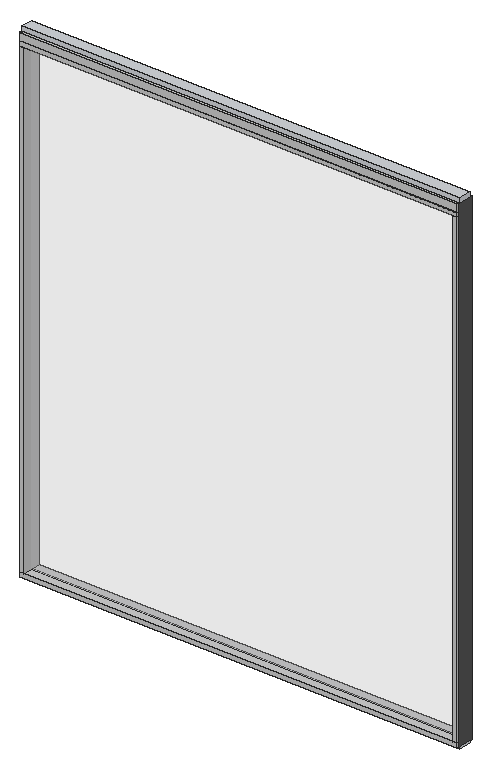
Revit family "Haworth_EncloseFrameless_Wall_Glass", category Furniture Systems, Revit 2018
Family settings
  Round Connector Dimension = Use Diameter
  Part Type = Normal
  OmniClass Number = 23.25.40.14
  OmniClass Title = Demountable Partitions
  Work Plane-Based = No
  Always vertical = Yes
  Cut with Voids When Loaded = No
  Shared = Yes
  Room Calculation Point = No
Parameters (values of type "108" H")
  Warranty = "http://www.haworth.com/resources/product-info/warranties"
  URL - Product = "http://www.haworth.com/products/architectural-interiors/moveable-walls/enclose"
  Type Comments = ""
  Sustainability Info = "http://www.haworth.com/company-info/sustainablility"
  Single Glazed = yes
  HFEC Right Width [instance] = if(not(End Frame Right), 0", End of Run Right Width)  # 0.155"
  HFEC Left Width [instance] = if(not(End Frame Left), 0", End of Run Left Width)  # 0.155"
  Model = "Haworth - Enclose Frameless"  # constant formula
  Glass Right Offset [instance] = if(End Frame Right, Vertical Frame Width, 0")  # 0.875"
  Glass Finish = Haworth _ Glass _ Clear
  Frame Finish = Haworth _ Metal _ Brushed Aluminum
  End of Run Finish = Haworth _ Polymer _ Black
  End Frame Right [instance] = yes
  End Frame Left [instance] = yes
  Double Glazed = not(Single Glazed)  # no
  Description = "Wall - Glass"  # constant formula
  Ceiling Mount = yes
  Material Options = "http://surfaces.haworth.com/"
  Width [instance] = 96"
  Vertical Frame Width = 0.875"  # constant formula
  URL = "www.haworth.com"
  Size = "Verify Final Dim. w/ Haworth"  # constant formula
  Revision Number = "3"  # constant formula
  Panel Width [instance] = if(and(End Frame Right, End Frame Left), Width - (2 * Vertical Frame Width) - End of Run Right Width - End of Run Left Width, if(End Frame Right, Width - Vertical Frame Width - End of Run Right Width, if(End Frame Left, Width - Vertical Frame Width - End of Run Left Width, Width)))  # 93.94"
  Panel Height = Actual Height - Horizontal Bottom Adjuster Width - Horizontal Frame Width - Horizontal Top Adjuster Width  # 103.25"
  Panel Depth = 0.4"  # constant formula
  Min/Max Width = "12in Min, Verify Max"  # constant formula
  Min/Max Height = "24-144 in."  # constant formula
  Horizontal Top Trim Width = 1.43"  # constant formula
  Horizontal Top Adjuster Width = Cap Height + Horizontal Top Trim Width + 0.195"  # 2.625"
  Horizontal Bottom Adjuster Width = Base Height + Horizontal Frame Width  # 1.25"
  Glass Offset = Horizontal Bottom Adjuster Width  # 1.25"
  Min. Height = 24"  # constant formula
  Max. Height = 144"  # constant formula
  Manufacturer = "Haworth"  # constant formula
  Horizontal Frame Width = 0.875"  # constant formula
  Height = 108"
  Half Postcap Width = 0.155"  # constant formula
  Frame Depth = 4"  # constant formula
  End of Run Right Width [instance] = if(and(End of Run Right, End Frame Right), 1.845", Half Postcap Width)  # 0.155"
  End of Run Right [instance] = no
  End of Run Left Width [instance] = if(and(End of Run Left, End Frame Left), 1.845", Half Postcap Width)  # 0.155"
  End of Run Left [instance] = no
  Cap Height = 1"  # constant formula
  Base Height = 0.375"  # constant formula
  Author = "SHAPE Environments, LLC"  # constant formula
  Assembly Code = "C1010200"
  Actual Width [instance] = if(Width < 12", 12", Width)  # 96"
  Actual Height = if(Height < Min. Height, Min. Height, if(Height > Max. Height, Max. Height, Height))  # 108"
Reference planes (in)
  plane 1 "Center F/B": y = -0.17786
  plane 2: z = 0
  plane 3 "Center L/R": x = -4.20864
  plane 4 "Left": x = -52.05364
  plane 5 "Right": x = 43.63636
  plane 6 "Top": z = 108
  plane 7 "Back": y = 1.82214
  plane 8 "Front": y = -2.17786
  plane 9 "Left Frame Outside": x = -52.05364
  plane 10 "Left Frame Inside": x = -51.17864
  plane 11 "Right Frame Outside": x = 43.63636
  plane 12 "Right Frame Inside": x = 42.76136
  plane 13 "End of Run Right": x = 43.79136
  plane 14 "End of Run Left": x = -52.20864
  plane 15 "Top Frame Outside": z = 105.375
  plane 16 "Top Trim Outside": z = 107
  plane 17 "Top Frame Inside": z = 104.5
  plane 18 "Bottom Frame Inside": z = 1.25
  plane 19 "Bottom Adjuster": z = 0.375
  plane 20 "Not Used": z = 2.125
  plane 21 "Glass Constraint": x = 42.76136
Forms (in)
  Sweep 1, solid, material "Haworth _ Polymer _ Black" <- "End of Run Finish", visible <- "End Frame Left"
    path origin (0, -0.17786, 0) x (1, 0, 0) y (0, 0, 1)
      loop
        line (-52.05364, 107) -> (-52.05364, 0.375)
    profile "Haworth_Enclose - Postcap : Left" origin (-52.05364, -0.17786, 53.6875) x (1, 0, 0) y (0, -1, 0)
      loop
        line (0, 1.805) -> (-0.155, 1.805) -> (-0.155, -1.805) -> (0, -1.805) -> (0, 1.805)
  Sweep 2, solid, material "Haworth _ Polymer _ Black" <- "End of Run Finish", visible <- "End Frame Right"
    path origin (0, -0.17786, 0) x (1, 0, 0) y (0, 0, 1)
      loop
        line (43.63636, 107) -> (43.63636, 0.375)
    profile "Haworth_Enclose - Postcap : Right" origin (43.63636, -0.17786, 53.6875) x (1, 0, 0) y (0, -1, 0)
      loop
        line (0, 1.805) -> (0, -1.805) -> (0.155, -1.805) -> (0.155, 1.805) -> (0, 1.805)
  Sweep 3, solid, material "Haworth _ Metal _ Brushed Aluminum" <- "Frame Finish", visible <- "End Frame Left"
    path origin (0, -0.17786, 0) x (1, 0, 0) y (0, 0, 1)
      loop
        line (-52.05364, 104.5) -> (-52.05364, 1.25)
    profile "Haworth_Enclose - Vertical_Frame : Vertical" origin (-52.05364, -0.17786, 52.875) x (1, 0, 0) y (0, -1, 0)
      loop
        line (0, 2) -> (0, -2) -> (0.875, -2) -> (0.875, 2) -> (0, 2)
  Sweep 4, solid, material "Haworth _ Metal _ Brushed Aluminum" <- "Frame Finish", visible <- "End Frame Right"
    path origin (0, -0.17786, 0) x (1, 0, 0) y (0, 0, 1)
      loop
        line (43.63636, 104.5) -> (43.63636, 1.25)
    profile "Haworth_Enclose - Vertical_Frame : Vertical" origin (43.63636, -0.17786, 52.875) x (1, 0, 0) y (0, -1, 0)
      loop
        line (0, 2) -> (-0.875, 2) -> (-0.875, -2) -> (0, -2) -> (0, 2)
  Sweep 5, solid, material "Haworth _ Metal _ Brushed Aluminum" <- "Frame Finish"
    path origin (0, -0.17786, 0) x (1, 0, 0) y (0, 0, 1)
      loop
        line (43.63636, 104.5) -> (-52.05364, 104.5)
    profile "Haworth_Enclose - Horizontal_Frame : Horizontal" origin (-4.20864, -0.17786, 104.5) x (0, 0, -1) y (0, -1, 0)
      loop
        line (0, 2) -> (-0.875, 2) -> (-0.875, -2) -> (0, -2) -> (0, 2)
  Sweep 6, solid, material "Haworth _ Metal _ Brushed Aluminum" <- "Frame Finish"
    path origin (0, -0.17786, 0) x (1, 0, 0) y (0, 0, 1)
      loop
        line (-52.05364, 107) -> (43.63636, 107)
    profile "Haworth_Enclose - Horizontal_Trim : Top" origin (-4.20864, -0.17786, 107) x (0, 0, 1) y (0, -1, 0)
      loop
        line (0, 2) -> (-1.43, 2) -> (-1.43, 1.805) -> (-1.625, 1.805) -> (-1.625, -1.805) -> (-1.43, -1.805) -> (-1.43, -2) -> (0, -2) -> (0, 2)
  Sweep 7, solid, visible <- "Ceiling Mount"
    path origin (0, -0.17786, 0) x (1, 0, 0) y (0, 0, 1)
      loop
        line (-52.20864, 108) -> (43.79136, 108)
    profile "Haworth_Enclose - Horizontal_Track : Ceiling" origin (-4.20864, -0.17786, 108) x (0, 0, 1) y (0, -1, 0)
      loop
        line (0, 1.28) -> (-1, 1.28) -> (-1, -1.28) -> (0, -1.28) -> (0, 1.28)
  Sweep 8, solid
    path origin (0, -0.17786, 0) x (1, 0, 0) y (0, 0, 1)
      loop
        line (43.79136, 0) -> (-52.20864, 0)
    profile "Haworth_Enclose - Horizontal_Track : Base" origin (-4.20864, -0.17786, 0) x (0, 0, -1) y (0, -1, 0)
      loop
        line (0, 1.2875) -> (-0.375, 1.2875) -> (-0.375, -1.2875) -> (0, -1.2875) -> (0, 1.2875)
  Sweep 9, solid, material "Haworth _ Metal _ Brushed Aluminum" <- "Frame Finish"
    path origin (0, -0.17786, 0) x (1, 0, 0) y (0, 0, 1)
      loop
        line (-52.05364, 0.375) -> (43.63636, 0.375)
    profile "Haworth_Enclose - Horizontal_Frame : Horizontal" origin (-4.20864, -0.17786, 0.375) x (0, 0, 1) y (0, -1, 0)
      loop
        line (0, 2) -> (0, -2) -> (0.875, -2) -> (0.875, 2) -> (0, 2)
Lines and regions (in)
  Masking region 1
    outline origin (0, 0, 0) x (1, 0, 0) y (0, 1, 0)
      loop
        line (-52.20864, 1.82214) -> (-52.20864, -2.17786) -> (43.79136, -2.17786) -> (43.79136, 1.82214) -> (-52.20864, 1.82214)
  Masking region 2, visible <- "Single Glazed", detail levels medium+fine
    outline origin (0, 0, 0) x (1, 0, 0) y (0, 1, 0)
      loop
        line (-51.17864, 0.02214) -> (-51.17864, -0.37786) -> (42.76136, -0.37786) -> (42.76136, 0.02214) -> (-51.17864, 0.02214)
  symbolic lines, style "Haworth", visible <- "End Frame Right", detail levels medium+fine
    curve 1: line (42.76136, 1.82214, 0) -> (42.76136, -2.17786, 0)
  symbolic lines, style "Haworth", visible <- "End Frame Left", detail levels medium+fine
    curve 2: line (-51.17864, -2.17786, 0) -> (-51.17864, 1.82214, 0)
Dimensions and locks (in)
  equal spacing: plane 14 "End of Run Left", plane 3 "Center L/R", plane 13 "End of Run Right"
  "Width": plane 14 "End of Run Left" to plane 13 "End of Run Right"
  "Vertical Frame Width": plane 9 "Left Frame Outside" to plane 10 "Left Frame Inside"
  "End of Run Right Width": plane 11 "Right Frame Outside" to plane 13 "End of Run Right"
  "End of Run Left Width": plane 14 "End of Run Left" to plane 9 "Left Frame Outside"
  "Vertical Frame Width": plane 12 "Right Frame Inside" to plane 11 "Right Frame Outside"
  equal spacing: plane 7 "Back", plane 1 "Center F/B", plane 8 "Front"
  "Frame Depth": plane 7 "Back" to plane 8 "Front"
  "Actual Height": plane 6 "Top" to level
  "Cap Height": plane 6 "Top" to plane 16 "Top Trim Outside"
  "Horizontal Frame Width": plane 15 "Top Frame Outside" to plane 17 "Top Frame Inside"
  "Base Height": plane 19 "Bottom Adjuster" to level
  "Horizontal Bottom Adjuster Width": plane 18 "Bottom Frame Inside" to plane 2
  "Horizontal Top Adjuster Width": plane 6 "Top" to plane 15 "Top Frame Outside"
  "Glass Right Offset": plane 21 "Glass Constraint" to plane 5 "Right"
  "HFEC Left Width": plane 14 "End of Run Left" to plane 4 "Left"
  "HFEC Right Width": plane 5 "Right" to plane 13 "End of Run Right"
  aligned and locked: Sweep 1 sketch curve to plane 9 "Left Frame Outside"
  aligned and locked: Sweep 2 sketch curve to plane 11 "Right Frame Outside"
  aligned and locked: Sweep 3 sketch curve to plane 9 "Left Frame Outside"
  aligned and locked: plane 17 "Top Frame Inside" to Sweep 3 sketch curve
  aligned and locked: Sweep 4 sketch curve to plane 11 "Right Frame Outside"
  aligned and locked: Sweep 4 sketch curve to plane 17 "Top Frame Inside"
  aligned: plane 3 "Center L/R" to nested 1
  aligned and locked: plane 1 "Center F/B" to nested 1
  aligned: nested 1 to plane 20 "Not Used"
  aligned and locked: curve 1 to Sweep 4
  aligned and locked: curve 2 to Sweep 3
  aligned and locked: Sweep 5 sketch curve to plane 17 "Top Frame Inside"
  aligned and locked: Sweep 6 sketch curve to plane 16 "Top Trim Outside"
  aligned and locked: plane 13 "End of Run Right" to Sweep 7 sketch curve
  aligned and locked: plane 14 "End of Run Left" to Sweep 7 sketch curve
  aligned and locked: plane 14 "End of Run Left" to Sweep 8 sketch curve
  aligned and locked: plane 13 "End of Run Right" to Sweep 8 sketch curve
  aligned and locked: plane 2 to Sweep 8 sketch curve
  aligned and locked: Sweep 7 sketch curve to plane 6 "Top"
  aligned and locked: Masking region 1 sketch curve to plane 7 "Back"
  aligned and locked: plane 8 "Front" to Masking region 1 sketch curve
  aligned and locked: plane 19 "Bottom Adjuster" to Sweep 1 sketch curve
  aligned and locked: plane 16 "Top Trim Outside" to Sweep 1 sketch curve
  aligned and locked: Sweep 2 sketch curve to plane 16 "Top Trim Outside"
  aligned and locked: Sweep 2 sketch curve to plane 19 "Bottom Adjuster"
  aligned and locked: Masking region 1 to plane 14 "End of Run Left"
  aligned and locked: plane 13 "End of Run Right" to Masking region 1
  aligned and locked: Sweep 9 sketch curve to plane 19 "Bottom Adjuster"
  aligned and locked: nested 1 to plane 18 "Bottom Frame Inside"
  aligned and locked: plane 18 "Bottom Frame Inside" to Sweep 3 sketch curve
  aligned and locked: Sweep 4 sketch curve to plane 18 "Bottom Frame Inside"
  aligned and locked: nested 1 to Masking region 2 sketch curve
  aligned and locked: Masking region 2 sketch curve to nested 1  (x4)
  aligned and locked: plane 21 "Glass Constraint" to nested 1
  aligned and locked: plane 4 "Left" to Sweep 6 sketch curve
  aligned and locked: plane 5 "Right" to Sweep 6 sketch curve
  aligned and locked: plane 5 "Right" to Sweep 5 sketch curve
  aligned and locked: plane 4 "Left" to Sweep 5 sketch curve
  aligned and locked: plane 5 "Right" to Sweep 9 sketch curve
  aligned and locked: plane 4 "Left" to Sweep 9 sketch curve
  aligned and locked: plane 7 "Back" to nested 2
  aligned and locked: plane 8 "Front" to nested 3
Automatic sketch dimensions
  Masking region 1 sketch curve to plane 4 "Left" = 0.155"
  plane 5 "Right" to Masking region 1 sketch curve = 0.155"
  curve 1 to plane 8 "Front" = 0"
  curve 2 to plane 8 "Front" = 0"
  curve 2 to plane 7 "Back" = 0"
  curve 1 to plane 7 "Back" = 0"
Nested families (in)
  nested 1: "Haworth_Enclose - Panel_Glass" at (-5.38885, -0.14763, 1.25), visible <- "Single Glazed", type "Glass"
    with Panel Width 93.94", Panel Height 103.25", Panel Depth 0.4"
  nested 2: "Haworth_Enclose - Panel_Glass" at (-5.38885, 1.65237, 1.25), visible <- "Double Glazed", type "Glass"
    with Panel Width 93.94", Panel Height 103.25", Panel Depth 0.4"
  nested 3: "Haworth_Enclose - Panel_Glass" at (-5.38885, -1.94763, 1.25), visible <- "Double Glazed", type "Glass"
    with Panel Width 93.94", Panel Height 103.25", Panel Depth 0.4"
Definition of nested family "Haworth_Enclose - Panel_Glass"
  Parameters
    Panel Width = 36"
    Panel Height = 108"
    Panel Finish = none
    Panel Depth = 0.5"
  Reference planes (in)
    plane 1 "Center F/B": y = -0.03024
    plane 2: z = 0
    plane 3 "Center L/R": x = 1.1802
    plane 4 "Left": x = -16.8198
    plane 5 "Right": x = 19.1802
    plane 6 "Back": y = 0.21976
    plane 7 "Front": y = -0.28024
    plane 8 "Top": z = 108
  Forms (in)
    Extrusion 1, solid, material <- "Panel Finish"
      sketch origin (0, -0.03024, 0) x (1, 0, 0) y (0, 0, 1)
        loop
          line (-16.8198, 108) -> (-16.8198, 0) -> (19.1802, 0) -> (19.1802, 108) -> (-16.8198, 108)
      from -0.25 to 0.25
  Dimensions and locks (in)
    "Panel Height": plane 8 "Top" to level
    equal spacing: plane 6 "Back", plane 1 "Center F/B", plane 7 "Front"
    "Panel Depth": plane 6 "Back" to plane 7 "Front"
    equal spacing: plane 4 "Left", plane 3 "Center L/R", plane 5 "Right"
    "Panel Width": plane 4 "Left" to plane 5 "Right"
    aligned and locked: plane 4 "Left" to Extrusion 1 sketch curve
    aligned and locked: Extrusion 1 sketch curve to plane 8 "Top"
    aligned and locked: level to Extrusion 1 sketch curve
    aligned and locked: Extrusion 1 sketch curve to plane 5 "Right"
    aligned and locked: plane 6 "Back" to Extrusion 1
    aligned and locked: Extrusion 1 to plane 7 "Front"
